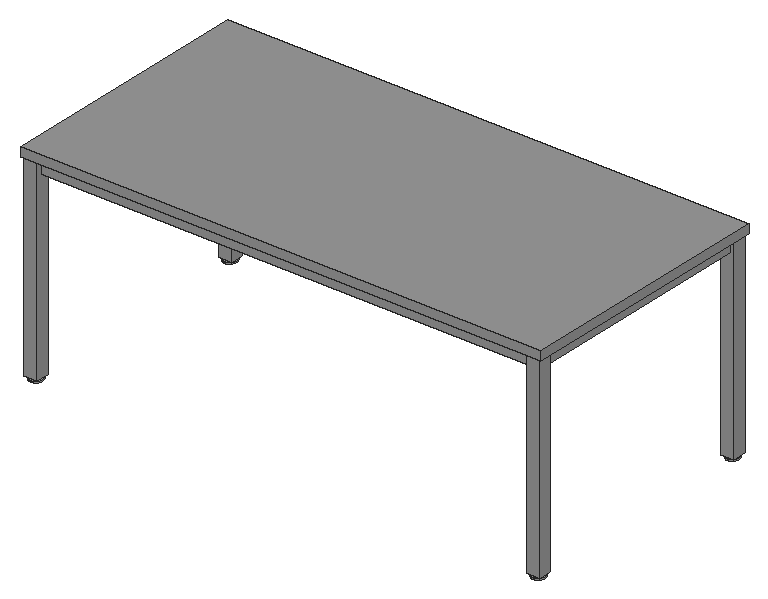
Revit family "Fleetwood Picnic Table and Bench", category Furniture Systems, Revit 2018
Family settings
  Round Connector Dimension = Use Diameter
  Part Type = Normal
  Work Plane-Based = No
  Always vertical = Yes
  Cut with Voids When Loaded = No
  Shared = No
  Room Calculation Point = No
Parameters (values of type "Table 60w x 30d x 24h")
  Width = 5' - 0"
  URL = "https://www.fleetwoodfurniture.com/"
  Top Thickness = 0' - 1"  # constant formula
  Top Surface Material = Fleetwood Edgeband White Pionite/Panolam S411
  Top Edge Material = Fleetwood Surface White Pionite/Panolam S411
  Table = not(Bench)  # yes
  Painted Frame Material = Fleetwood Painted Frame Paint Silver 4799 Hybrid
  Model = "PT.RS"
  Manufacturer = "Fleetwood Furniture"  # constant formula
  Height = 2' - 0"
  Description = "Fleetwood Picnic Table and Bench"
  Depth = 2' - 6"
  Bench = no
  Assembly Code = "E2020200"
  Actual Width = if(and(Table, or(Width < 5' 0", Width = 5' 0")), 5' 0", if(and(Table, or(Width < 6' 0", Width = 6' 0")), 6' 0", if(and(Table, Width > 6' 0"), 6' 0", if(and(Bench, or(Width < 4' 3", Width = 4' 3")), 4' 3", if(and(Bench, or(Width < 5' 3", Width = 5' 3")), 5' 3", 5' 3")))))  # 5' - 0"
  Actual Height = if(and(Table, or(Height < 2' 0", Height = 2' 0")), 2' 0", if(and(Table, or(Height < 2' 5", Height = 2' 5")), 2' 5", if(and(Table, Height > 2' 5"), 2' 5", if(and(Bench, or(Height < 1' 2", Height = 1' 2")), 1' 2", if(and(Bench, or(Height < 1' 6", Height = 1' 6")), 1' 6", 1' 6")))))  # 2' - 0"
  Actual Depth = if(and(Table, or(Depth < 2' 6", Depth = 2' 6")), 2' 6", if(and(Table, or(Depth < 3' 0", Depth = 3' 0")), 3' 0", if(and(Table, Depth > 3' 0"), 3' 0", if(Bench, 1' 3", 1' 3"))))  # 2' - 6"
Types (8): name | Width | Table | Height | Depth | Bench | Actual Width | Actual Height | Actual Depth
  (no name) | 5' - 0" | yes | 2' - 0" | 2' - 6" | no | 5' - 0" | 2' - 0" | 2' - 6"
  Table 60w x 30d x 24h | 5' - 0" | yes | 2' - 0" | 2' - 6" | no | 5' - 0" | 2' - 0" | 2' - 6"
  Table 60w x 30d x 29h | 5' - 0" | yes | 2' - 5" | 2' - 6" | no | 5' - 0" | 2' - 5" | 2' - 6"
  Table 60w x 36d x 29h | 5' - 0" | yes | 2' - 5" | 3' - 0" | no | 5' - 0" | 2' - 5" | 3' - 0"
  Table 72w x 36d x 29h | 6' - 0" | yes | 2' - 5" | 3' - 0" | no | 6' - 0" | 2' - 5" | 3' - 0"
  Bench 51w x 15d x 14h | 4' - 3" | no | 1' - 2" | 1' - 3" | yes | 4' - 3" | 1' - 2" | 1' - 3"
  Bench 51w x 15d x 18h | 4' - 3" | no | 1' - 6" | 1' - 3" | yes | 4' - 3" | 1' - 6" | 1' - 3"
  Bench 63w x 15d x 18h | 5' - 3" | no | 1' - 6" | 1' - 3" | yes | 5' - 3" | 1' - 6" | 1' - 3"
Reference planes (in)
  plane 1 "Center F/B": y = 0
  plane 2: z = 0
  plane 3 "Center L/R": x = 0
  plane 4 "Table Height": z = 24
  plane 5 "Top Thickness": z = 23
  plane 6 "Top Left": x = -30
  plane 7 "Top Right": x = 30
  plane 8 "Top Front": y = -15
  plane 9 "Top Back": y = 15
  plane 10 "Leg Frame Back": y = 13.25
  plane 11 "Leg Frame Front": y = -13.25
  plane 12 "Leg Frame Right": x = 28.25
  plane 13 "Leg Frame Left": x = -28.25
  plane 14 "Support Front": y = -14.25
  plane 15 "Support Right": x = 29.25
  plane 16 "Support Back": y = 14.25
  plane 17 "Support Left": x = -29.25
  plane 18 "Support Height": z = 21.5
Forms (in)
  Extrusion 1, solid, material "Fleetwood Surface White Pionite/Panolam S411" <- "Top Edge Material"
    sketch origin (0, 0, 0) x (1, 0, 0) y (0, 1, 0)
      loop
        line (-30, 15) -> (-30, -15) -> (30, -15) -> (30, 15) -> (-30, 15)
    from 23 to 24
  Extrusion 2, solid, material "Fleetwood Painted Frame Paint Silver 4799 Hybrid" <- "Painted Frame Material"
    sketch origin (0, 0, 0) x (1, 0, 0) y (0, 1, 0)
      loop
        line (-28.25, 14.25) -> (-28.25, 13.25) -> (28.25, 13.25) -> (28.25, 14.25) -> (-28.25, 14.25)
    from 21.5 to 23
  Extrusion 3, solid, material "Fleetwood Painted Frame Paint Silver 4799 Hybrid" <- "Painted Frame Material"
    sketch origin (0, -18, 0) x (1, 0, 0) y (0, 1, 0)
      loop
        line (-28.25, 4.75) -> (-28.25, 3.75) -> (28.25, 3.75) -> (28.25, 4.75) -> (-28.25, 4.75)
    from 21.5 to 23
  Extrusion 4, solid, material "Fleetwood Painted Frame Paint Silver 4799 Hybrid" <- "Painted Frame Material"
    sketch origin (-53.28137, -3.72581, 0) x (0, 1, 0) y (-1, 0, 0)
      loop
        line (-9.52419, -24.03137) -> (-9.52419, -25.03137) -> (16.97581, -25.03137) -> (16.97581, -24.03137) -> (-9.52419, -24.03137)
    from 21.5 to 23
  Extrusion 5, solid, material "Fleetwood Painted Frame Paint Silver 4799 Hybrid" <- "Painted Frame Material"
    sketch origin (80.71863, -3.72581, 0) x (0, 1, 0) y (-1, 0, 0)
      loop
        line (-9.52419, 52.46863) -> (-9.52419, 51.46863) -> (16.97581, 51.46863) -> (16.97581, 52.46863) -> (-9.52419, 52.46863)
    from 21.5 to 23
Lines and regions (in)
  Masking region 1
    outline origin (0, 0, 0) x (1, 0, 0) y (0, 1, 0)
      loop
        line (-30, 15) -> (-30, -15) -> (30, -15) -> (30, 15) -> (-30, 15)
  Masking region 2, detail levels fine
    outline origin (0, 0, 0) x (1, 0, 0) y (0, 1, 0)
      loop
        line (-28.25, 13.25) -> (-28.25, -13.25) -> (28.25, -13.25) -> (28.25, 13.25) -> (-28.25, 13.25)
      loop
        line (-29.25, -13.25) -> (-29.75, -13.25) -> (-29.75, -14.7584) -> (-28.25, -14.7584) -> (-28.25, -14.25) -> (28.25, -14.25) -> (28.25, -14.75) -> (29.75, -14.75) -> (29.75, -13.2416) -> (29.25, -13.2416) -> (29.25, 13.25) -> (29.7584, 13.25) -> (29.7584, 14.75) -> (28.25, 14.75) -> (28.25, 14.25) -> (-28.25, 14.25) -> (-28.25, 14.75) -> (-29.75, 14.75) -> (-29.75, 13.25) -> (-29.25, 13.25) -> (-29.25, -13.25)
Dimensions and locks (in)
  "Actual Height": plane 4 "Table Height" to level
  "Top Thickness": plane 4 "Table Height" to plane 5 "Top Thickness"
  equal spacing: plane 9 "Top Back", plane 1 "Center F/B", plane 8 "Top Front"
  "Actual Depth": plane 9 "Top Back" to plane 8 "Top Front"
  equal spacing: plane 6 "Top Left", plane 3 "Center L/R", plane 7 "Top Right"
  "Actual Width": plane 6 "Top Left" to plane 7 "Top Right"
  locked: plane 12 "Leg Frame Right" to plane 7 "Top Right" at 1.75
  locked: plane 11 "Leg Frame Front" to plane 8 "Top Front" at 1.75
  locked: plane 9 "Top Back" to plane 10 "Leg Frame Back" at 1.75
  plane 6 "Top Left" to plane 13 "Leg Frame Left" = 0' - 1 3/4"
  locked: plane 11 "Leg Frame Front" to plane 14 "Support Front" at 1
  locked: plane 12 "Leg Frame Right" to plane 15 "Support Right" at 1
  locked: plane 16 "Support Back" to plane 10 "Leg Frame Back" at 1
  locked: plane 17 "Support Left" to plane 13 "Leg Frame Left" at 1
  locked: plane 5 "Top Thickness" to plane 18 "Support Height" at 1.5
  aligned and locked: level to plane 2
  aligned and locked: Extrusion 1 sketch curve to plane 9 "Top Back"
  aligned and locked: Extrusion 1 sketch curve to plane 7 "Top Right"
  aligned and locked: plane 8 "Top Front" to Extrusion 1 sketch curve
  aligned and locked: plane 6 "Top Left" to Extrusion 1 sketch curve
  aligned and locked: plane 4 "Table Height" to Extrusion 1
  aligned and locked: Extrusion 1 to plane 5 "Top Thickness"
  aligned and locked: plane 13 "Leg Frame Left" to nested 4
  aligned and locked: plane 11 "Leg Frame Front" to nested 1
  aligned and locked: nested 1 to plane 12 "Leg Frame Right"
  aligned and locked: nested 2 to plane 10 "Leg Frame Back"
  aligned and locked: nested 2 to plane 12 "Leg Frame Right"
  aligned and locked: plane 13 "Leg Frame Left" to nested 3
  aligned and locked: nested 3 to plane 10 "Leg Frame Back"
  aligned and locked: plane 11 "Leg Frame Front" to nested 4
  aligned and locked: Extrusion 3 to plane 14 "Support Front"
  aligned and locked: plane 11 "Leg Frame Front" to Extrusion 3
  aligned and locked: Extrusion 3 to plane 13 "Leg Frame Left"
  aligned and locked: plane 12 "Leg Frame Right" to Extrusion 3
  aligned and locked: Extrusion 2 to plane 10 "Leg Frame Back"
  aligned and locked: Extrusion 2 to plane 16 "Support Back"
  aligned and locked: Extrusion 2 to plane 13 "Leg Frame Left"
  aligned and locked: plane 12 "Leg Frame Right" to Extrusion 2
  aligned and locked: Extrusion 5 to plane 12 "Leg Frame Right"
  aligned and locked: plane 15 "Support Right" to Extrusion 5
  aligned and locked: Extrusion 5 to plane 11 "Leg Frame Front"
  aligned and locked: plane 10 "Leg Frame Back" to Extrusion 5
  aligned and locked: plane 13 "Leg Frame Left" to Extrusion 4
  aligned and locked: Extrusion 4 to plane 17 "Support Left"
  aligned and locked: Extrusion 4 to plane 11 "Leg Frame Front"
  aligned and locked: plane 10 "Leg Frame Back" to Extrusion 4
  aligned and locked: plane 5 "Top Thickness" to Extrusion 4
  aligned and locked: plane 5 "Top Thickness" to Extrusion 5
  aligned and locked: Extrusion 5 to plane 18 "Support Height"
  aligned and locked: Extrusion 4 to plane 18 "Support Height"
  aligned and locked: plane 5 "Top Thickness" to Extrusion 2
  aligned and locked: Extrusion 2 to plane 18 "Support Height"
  aligned and locked: plane 5 "Top Thickness" to Extrusion 3
  aligned and locked: Extrusion 3 to plane 18 "Support Height"
  aligned and locked: Masking region 1 sketch curve to plane 9 "Top Back"
  aligned and locked: Masking region 1 sketch curve to plane 7 "Top Right"
  aligned and locked: plane 8 "Top Front" to Masking region 1 sketch curve
  aligned and locked: plane 6 "Top Left" to Masking region 1 sketch curve
  aligned and locked: Extrusion 2 to Masking region 2 sketch curve
  aligned and locked: Masking region 2 sketch curve to Extrusion 5  (x2)
  aligned and locked: plane 11 "Leg Frame Front" to Masking region 2 sketch curve
  aligned and locked: plane 13 "Leg Frame Left" to Masking region 2 sketch curve
  aligned and locked: Masking region 2 sketch curve to Extrusion 4  (x2)
  aligned and locked: Masking region 2 sketch curve to nested 4  (x2)
  aligned and locked: Masking region 2 sketch curve to Extrusion 3  (x2)
  aligned and locked: nested 1 to Masking region 2 sketch curve
  aligned and locked: Masking region 2 sketch curve to nested 1
  aligned and locked: Extrusion 5 to Masking region 2 sketch curve
  aligned and locked: Masking region 2 sketch curve to nested 2  (x2)
  aligned and locked: Masking region 2 sketch curve to Extrusion 2  (x2)
  aligned and locked: Masking region 2 sketch curve to nested 3  (x3)
Automatic sketch dimensions
  plane 13 "Leg Frame Left" to Extrusion 2 sketch curve = 0' - 0"
  Extrusion 2 sketch curve to plane 12 "Leg Frame Right" = 0' - 0"
  Extrusion 2 sketch curve to plane 10 "Leg Frame Back" = 0' - 0"
  Extrusion 2 sketch curve to plane 9 "Top Back" = 0' - 0 3/4"
  plane 13 "Leg Frame Left" to Extrusion 3 sketch curve = 0' - 0"
  Extrusion 3 sketch curve to plane 12 "Leg Frame Right" = 0' - 0"
  Extrusion 3 sketch curve to plane 11 "Leg Frame Front" = 0' - 1"
  plane 1 "Center F/B" to Extrusion 3 sketch curve = 1' - 1 1/4"
  plane 8 "Top Front" to Extrusion 4 sketch curve = 0' - 1 3/4"
  Extrusion 4 sketch curve to plane 9 "Top Back" = 0' - 1 3/4"
  plane 6 "Top Left" to Extrusion 4 sketch curve = 0' - 1 3/4"
  Extrusion 4 sketch curve to Extrusion 4 sketch curve = 0' - 1"
  plane 8 "Top Front" to Extrusion 5 sketch curve = 0' - 1 3/4"
  Extrusion 5 sketch curve to plane 9 "Top Back" = 0' - 1 3/4"
  Extrusion 5 sketch curve to plane 7 "Top Right" = 0' - 0 3/4"
  Extrusion 5 sketch curve to Extrusion 5 sketch curve = 0' - 1"
  Masking region 2 sketch curve to plane 7 "Top Right" = 0' - 0.2416"
  plane 8 "Top Front" to Masking region 2 sketch curve = 0' - 0.2416"
  plane 11 "Leg Frame Front" to Masking region 2 sketch curve = 0' - 0.0084"
Nested families (in)
  nested 1: "Square Leg with Glide Non Adjustable" at (29, -14, 0), Fleetwood Painted Frame <- "Painted Frame Material", Actual Table Height <- "Actual Height", type "Square Leg with Glide Non Adjustable"
    with Table Top Thickness 0' - 1", Table Height 3' - 6", Outer Leg Height 1' - 5 207/256", Leveler Height 0' - 0 5/16", Leveler Glides yes, Leveler Casters no, Inner Round Leg Visibility yes, Inner Leg Height 1' - 11 49/256", Fleetwood Painted Frame Fleetwood Painted Frame Paint Silver 4799 Hybrid, Actual Table Height 2' - 0"
  nested 2: "Square Leg with Glide Non Adjustable" at (29, 14, 0), Fleetwood Painted Frame <- "Painted Frame Material", Actual Table Height <- "Actual Height", type "Square Leg with Glide Non Adjustable"
    with Table Top Thickness 0' - 1", Table Height 3' - 6", Outer Leg Height 1' - 5 207/256", Leveler Height 0' - 0 5/16", Leveler Glides yes, Leveler Casters no, Inner Round Leg Visibility yes, Inner Leg Height 1' - 11 49/256", Fleetwood Painted Frame Fleetwood Painted Frame Paint Silver 4799 Hybrid, Actual Table Height 2' - 0"
  nested 3: "Square Leg with Glide Non Adjustable" at (-29, 14, 0), Fleetwood Painted Frame <- "Painted Frame Material", Actual Table Height <- "Actual Height", type "Square Leg with Glide Non Adjustable"
    with Table Top Thickness 0' - 1", Table Height 3' - 6", Outer Leg Height 1' - 5 207/256", Leveler Height 0' - 0 5/16", Leveler Glides yes, Leveler Casters no, Inner Round Leg Visibility yes, Inner Leg Height 1' - 11 49/256", Fleetwood Painted Frame Fleetwood Painted Frame Paint Silver 4799 Hybrid, Actual Table Height 2' - 0"
  nested 4: "Square Leg with Glide Non Adjustable" at (-29, -14, 0), Fleetwood Painted Frame <- "Painted Frame Material", Actual Table Height <- "Actual Height", type "Square Leg with Glide Non Adjustable"
    with Table Top Thickness 0' - 1", Table Height 3' - 6", Outer Leg Height 1' - 5 207/256", Leveler Height 0' - 0 5/16", Leveler Glides yes, Leveler Casters no, Inner Round Leg Visibility yes, Inner Leg Height 1' - 11 49/256", Fleetwood Painted Frame Fleetwood Painted Frame Paint Silver 4799 Hybrid, Actual Table Height 2' - 0"
Definition of nested family "Square Leg with Glide Non Adjustable"
  Parameters (values of type "Square Leg with Glide Non Adjustable")
    Table Top Thickness [instance] = 0' - 1"
    Table Height [instance] = 3' - 6"
    Fleetwood Painted Frame [instance] = none
    Actual Table Height [instance] = 3' - 6"
    Outer Leg Height [instance] = 1' - 5 207/256"
    Leveler Glides [instance] = no
    Leveler Casters [instance] = not(Leveler Glides)  # yes
    Inner Round Leg Visibility [instance] = yes
    Leveler Height [instance] = 0' - 0 5/16"  # constant formula
    Inner Leg Height [instance] = 1' - 11 49/256"
  Reference planes (in)
    plane 1 "Center Front/Back": y = 0
    plane 2: z = 0
    plane 3 "Center Left/Right": x = 0
    plane 4 "Outer Square Leg Side 2": y = 0.75
    plane 5 "Outer Sqare Leg Side 1": x = 0.75
    plane 6 "Outer Square Leg Side 4": y = -0.75
    plane 7 "Outer Square Leg Side 3": x = -0.75
    plane 8 "Table Bottom Height": z = 41
    plane 9 "Leveler Height": z = 0.3125
    plane 10 "Table Height": z = 42
  Forms (in)
    Extrusion 1, solid, material <- "Fleetwood Painted Frame"
      sketch origin (0, 0, 0) x (1, 0, 0) y (0, 1, 0)
        loop
          line (-0.75, 0.75) -> (-0.75, -0.75) -> (0.75, -0.75) -> (0.75, 0.75) -> (-0.75, 0.75)
      from 0.3125 to 41
  Dimensions and locks (in)
    equal spacing: plane 6 "Outer Square Leg Side 4", plane 1 "Center Front/Back", plane 4 "Outer Square Leg Side 2"
    equal spacing: plane 7 "Outer Square Leg Side 3", plane 3 "Center Left/Right", plane 5 "Outer Sqare Leg Side 1"
    "Actual Table Height": plane 10 "Table Height" to level
    locked: plane 7 "Outer Square Leg Side 3" to plane 5 "Outer Sqare Leg Side 1" at 1.5
    locked: plane 4 "Outer Square Leg Side 2" to plane 6 "Outer Square Leg Side 4" at 1.5
    "Leveler Height": plane 9 "Leveler Height" to level
    "Table Top Thickness": plane 10 "Table Height" to plane 8 "Table Bottom Height"
    aligned and locked: level to plane 2
    aligned and locked: plane 1 "Center Front/Back" to nested 1
    aligned and locked: plane 3 "Center Left/Right" to nested 1
    aligned and locked: Extrusion 1 sketch curve to plane 4 "Outer Square Leg Side 2"
    aligned and locked: Extrusion 1 sketch curve to plane 5 "Outer Sqare Leg Side 1"
    aligned and locked: Extrusion 1 sketch curve to plane 6 "Outer Square Leg Side 4"
    aligned and locked: Extrusion 1 sketch curve to plane 7 "Outer Square Leg Side 3"
    aligned and locked: plane 8 "Table Bottom Height" to Extrusion 1
    aligned and locked: Extrusion 1 to plane 9 "Leveler Height"
  Nested families (in)
    nested 1: "Fleetwood 1.5 Diameter Glide" at (0, 0, 0), visible <- "Leveler Glides", Painted Frame <- "Fleetwood Painted Frame", type "Fleetwood 1.5 Diameter Glide"
      with Painted Frame none
  Definition of nested family "Fleetwood 1.5 Diameter Glide"
    Parameters (values of type "Fleetwood 1.5 Diameter Glide")
      Painted Frame [instance] = none
    Reference planes (in)
      plane 1 "Center Front/Back": y = 0
      plane 2: z = 0
      plane 3 "Center Left/Right": x = 0
      plane 4: z = 0.316
    Forms (in)
      Revolve 1, solid, material <- "Painted Frame"
        sketch origin (0, 0, 0) x (0, 1, 0) y (0, 0, 1)
          loop
            line (0, 0.316) -> (0, 0) -> (0.7584, 0) -> (0.7584, 0.0943) -> (0.1885, 0.247) -> (0.1885, 0.316) -> (0, 0.316)
          axis (0, 0.316) -> (0, 0)
        angle from 0 to 360
    Dimensions and locks (in)
      locked: plane 4 to level at 0.316
      aligned and locked: level to plane 2
